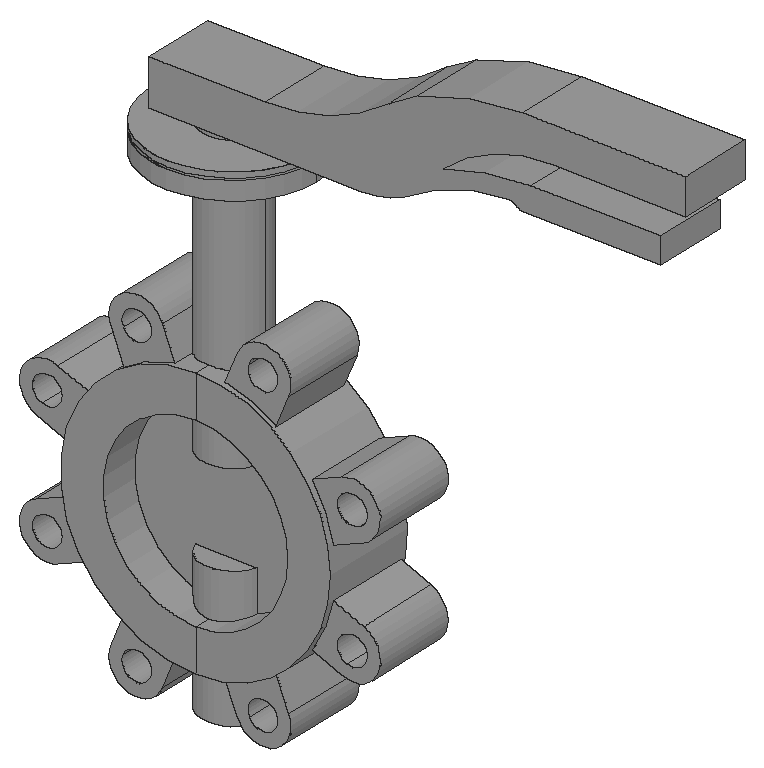
Revit family "2M_Butterfly Valve_UNIVAL_BLN-0305 - 50-300 mm", category Pipe Accessories, Revit 2016
Family settings
  Part Type = Valve - Breaks Into
  Round Connector Dimension = Use Diameter
  OmniClass Number = 23.65.55.14.17
  OmniClass Title = Adjusting/Controlling Valves for Liquid Services
  Work Plane-Based = No
  Always vertical = Yes
  Cut with Voids When Loaded = No
  Shared = No
Parameters (values of type "DN100")
  d = 16 mm
  built-in parameter 1114242 [instance] = 1
  T = -10 mm
  Symbol_consist = E / 30 * 17  # 29.183 mm
  Seat Material = "EPDM"  # constant formula
  Loss Method = K Coefficient from Table
  Kv = 760
  LugHole_pcs = 8
  LugrAxis_dist = Body_r + 12 mm  # 85 mm
  URL = "http://www.unival.com.tr/"
  Stem_top_h = 1 mm
  Standard No = "TS EN 593+A1"
  Pressure Rating = "PN25"  # constant formula
  Operator Type = M_Handle - Curved : Lever_260mm
  Model = "BLN-0305X100"
  Max. Working Temperature = "EPDM 120°C (water)"  # constant formula
  Max. Working Pressure = "16.5 Bar"  # constant formula
  Max Diff. Pressure (Allowed) = "3 Bar"
  Manufacturer = "Giacomini Unival\r\nGiacomini Unival"
  K Coefficient Table = "Butterfly Valve Full Open"
  Gasket Material = "EPDM"  # constant formula
  Stem_D = 34.5 mm
  Disc_r = DN / 2  # 50 mm
  Disc Material = "Stainless steel"  # constant formula
  Description TR = "Lug tipi kelebek vana"  # constant formula
  Description = "Lug type butterfly valve"  # constant formula
  Lug_do = d + 14 mm  # 30 mm
  DN = 100 mm
  D = 90 mm
  Connection Type = "Lug"
  Certifications = "TSE EAC CE"
  E = 51.5 mm
  Body Material = "Ductile iron"  # constant formula
  Body_r = DN / 2 + 23 mm  # 73 mm
  B = 100 mm
  Lug_angle = 22.50°
  A = 180 mm
Types (9, lengths in mm): name | d | Symbol_consist | Kv | LugHole_pcs | LugrAxis_dist | Stem_top_h | Operator Type | Model | Max Diff. Pressure (Allowed) | Stem_D | Disc_r | Lug_do | DN | D | E | Body_r | B | Lug_angle | A
  DN100 | 16 | 29.183 | 760 | 8 | 85 | 1 | M_Handle - Curved : Lever_260mm | "BLN-0305X100" | "3 Bar" | 34.5 | 50 | 30 | 100 | 90 | 51.5 | 73 | 100 | 22.50° | 180
  DN250 | 24 | 38.817 | 5050 | 12 | 160 | 26 | M_Handle - Curved : Lever_416mm | "BLN-0305X250" | "1.5 Bar" | 45.888 | 125 | 38 | 250 | 125 | 68.5 | 148 | 200 | 30.00° | 274
  DN50 | 16 | 24.367 | 115 | 4 | 60 | 1 | M_Handle - Curved : Lever_260mm | "BLN-0305X050" | "3 Bar" | 28.806 | 25 | 30 | 50 | 90 | 43 | 48 | 68.5 | 90.00° | 140
  DN65 | 16 | 25.5 | 255 | 4 | 67.5 | 1 | M_Handle - Curved : Lever_260mm | "BLN-0305X065" | "3 Bar" | 30.146 | 32.5 | 30 | 65 | 90 | 45 | 55.5 | 76 | 90.00° | 152
  DN80 | 16 | 26.067 | 375 | 4 | 75 | 1 | M_Handle - Curved : Lever_260mm | "BLN-0305X080" | "3 Bar" | 30.816 | 40 | 30 | 80 | 90 | 46 | 63 | 85 | 90.00° | 160
  DN125 | 16 | 31.733 | 1030 | 8 | 97.5 | 1 | M_Handle - Curved : Lever_260mm | "BLN-0305X125" | "3 Bar" | 37.515 | 62.5 | 30 | 125 | 90 | 56 | 85.5 | 120 | 22.50° | 191
  DN150 | 16 | 32.017 | 1790 | 8 | 110 | 1 | M_Handle - Curved : Lever_260mm | "BLN-0305X150" | "3 Bar" | 37.85 | 75 | 30 | 150 | 90 | 56.5 | 98 | 132 | 22.50° | 202
  DN200 | 20 | 34 | 3450 | 12 | 135 | 23 | M_Handle - Curved : Lever_326mm | "BLN-0305X200" | "3 Bar" | 40.194 | 100 | 34 | 200 | 125 | 60 | 123 | 160 | 30.00° | 237
  DN300 | 24 | 45.05 | 7420 | 12 | 185 | 26 | M_Handle - Curved : Lever_416mm | "BLN-0305X300" | "1.5 Bar" | 53.257 | 150 | 38 | 300 | 125 | 79.5 | 173 | 230 | 30.00° | 312
Reference planes
  plane 1 "Center (Front/Back)": y = 0
  plane 2: z = 0
  plane 3 "Center (Left/Right)": x = 0
  plane 4 "Disk": z = 50
  plane 5 "Disc 2": z = -50
  plane 6 "A": z = 180
  plane 7: z = -100
  plane 8: z = 25
  plane 9: z = -25
  plane 10 "Handle_Plane": z = 181
  plane 11 "Wafer 2": y = 25.75
  plane 12 "Wafer": y = -25.75
  plane 13: x = -84.994
  plane 14: x = 84.994
Forms (mm)
  Extrusion 1, solid, material "UNIVAL_Grey", detail levels fine
    sketch origin (0, 0, 0) x (1, 0, 0) y (0, 0, 1)
      loop
        circle (0, 0) r 50
    from -5 to 5
  Revolve 2, solid, material "UNIVAL_IRON", detail levels fine
    sketch origin (0, 0, 0) x (0, 1, 0) y (0, 0, 1)
      loop
        line (25.75, 73) -> (-25.75, 73) -> (-25.75, 50) -> (25.75, 50) -> (25.75, 73)
      axis (25.75, 0) -> (-25.75, 0)
    angle from 0 to 360
  Extrusion 3, solid, material "UNIVAL_IRON", detail levels fine
    sketch origin (0, 0, 0) x (1, 0, 0) y (0, 1, 0)
      loop
        circle (0, 0) r 17.25
    from 50 to 180
  Extrusion 4, solid, material "UNIVAL_IRON", detail levels fine
    sketch origin (0, 0, 0) x (1, 0, 0) y (0, 1, 0)
      loop
        circle (0, 0) r 17.25
    from -100 to -50
  Extrusion 5, solid, material "UNIVAL_IRON", detail levels fine
    sketch origin (0, 0, 180) x (1, 0, 0) y (0, 1, 0)
      loop
        circle (0, 0) r 45
    from -10 <- "T" to 0
  Extrusion 6, solid, material "UNIVAL_Grey", detail levels fine
    sketch origin (0, 0, 50) x (-1, 0, 0) y (0, -1, 0)
      loop
        circle (0, 0) r 17.25
    from -25 to 0
  Extrusion 7, solid, material "UNIVAL_Grey", detail levels fine
    sketch origin (0, 0, -50) x (-1, 0, 0) y (0, -1, 0)
      loop
        circle (0, 0) r 17.25
    from 0 to 25
  Extrusion 8, solid, material "UNIVAL_IRON", detail levels fine
    sketch origin (-1351.99, -1524, 180) x (-1, 0, 0) y (0, -1, 0)
      loop
        circle (-1351.99, -1524) r 45
    from 0 to 1 <- "Stem_top_h"
Cuts and joins
  joined: Revolve 2, Extrusion 3, Extrusion 4, Extrusion 5
  joined: Extrusion 1, Extrusion 6, Extrusion 7
Lines and regions (mm)
  model lines, detail levels coarse+medium
    curve 1: line (-14.592, 25.75, 0) -> (14.592, 25.75, 0)
    curve 3: line (14.592, -25.75, 0) -> (-14.592, -25.75, 0)
    curve 5: line (-14.592, -25.75, 0) -> (14.592, 25.75, 0)
    curve 6: line (14.592, -25.75, 0) -> (-14.592, 25.75, 0)
  model lines, not visible, detail levels coarse+medium
    curve 2: line (-14.592, -25.75, 0) -> (-14.592, 25.75, 0)
    curve 4: line (14.592, 25.75, 0) -> (14.592, -25.75, 0)
  reference lines
    curve 7: line (0, 25.75, 0) -> (13.899, 25.75, 33.556)
Dimensions and locks
  equal spacing: Revolve 2 sketch curve, plane 1 "Center (Front/Back)", Revolve 2 sketch curve
  "E": Revolve 2 sketch curve to Revolve 2 sketch curve
  "Disc_r": Revolve 2 sketch curve to Revolve 2 sketch curve
  "Body_r": Revolve 2 sketch curve to Revolve 2 sketch curve
  "Disc_r": plane 4 "Disk" to plane 2
  "Disc_r": level to plane 5 "Disc 2"
  "A": plane 6 "A" to plane 2
  "B": level to plane 7
  equal spacing: plane 4 "Disk", plane 8, level
  equal spacing: level, plane 9, plane 5 "Disc 2"
  "Stem_top_h": plane 10 "Handle_Plane" to plane 6 "A"
  "E": plane 12 "Wafer" to plane 11 "Wafer 2"
  equal spacing: plane 12 "Wafer", plane 1 "Center (Front/Back)", plane 11 "Wafer 2"
  "Symbol_consist": curve 2 to curve 1
  equal spacing: curve 2, plane 3 "Center (Left/Right)", curve 4
  "Disc_r": radius of Extrusion 1 sketch curve
  "Stem_D": diameter of Extrusion 3 sketch curve
  "Stem_D": diameter of Extrusion 4 sketch curve
  "D": diameter of Extrusion 5 sketch curve
  "Stem_D": diameter of Extrusion 6 sketch curve
  "Stem_D": diameter of Extrusion 7 sketch curve
  "D": diameter of Extrusion 8 sketch curve
  "Lug_angle": angle curve 7 to plane 3 "Center (Left/Right)"
  aligned and locked: level to plane 2
  aligned and locked: Revolve 2 sketch curve to level
  aligned and locked: Extrusion 3 to plane 4 "Disk"
  aligned and locked: plane 6 "A" to Extrusion 3
  aligned and locked: plane 5 "Disc 2" to Extrusion 4
  aligned and locked: plane 7 to Extrusion 4
  aligned and locked: Extrusion 6 to Extrusion 3
  aligned and locked: Extrusion 6 to plane 8
  aligned and locked: plane 9 to Extrusion 7
  aligned and locked: Extrusion 7 to plane 5 "Disc 2"
Automatic sketch dimensions
  Extrusion 1 sketch curve to level = 0 mm
  Extrusion 1 sketch curve to plane 3 "Center (Left/Right)" = 0 mm
  plane 12 "Wafer" to Revolve 2 sketch curve = 2821.218 mm
  Revolve 2 sketch curve to plane 11 "Wafer 2" = 1437.719 mm
  plane 1 "Center (Front/Back)" to Extrusion 3 sketch curve = 0 mm
  Extrusion 3 sketch curve to plane 3 "Center (Left/Right)" = 0 mm
  plane 1 "Center (Front/Back)" to Extrusion 4 sketch curve = 0 mm
  Extrusion 4 sketch curve to plane 3 "Center (Left/Right)" = 0 mm
  plane 1 "Center (Front/Back)" to Extrusion 6 sketch curve = 0 mm
  Extrusion 6 sketch curve to plane 3 "Center (Left/Right)" = 0 mm
  plane 1 "Center (Front/Back)" to Extrusion 7 sketch curve = 0 mm
  Extrusion 7 sketch curve to plane 3 "Center (Left/Right)" = 0 mm
  plane 1 "Center (Front/Back)" to Extrusion 8 sketch curve = 0 mm
  Extrusion 8 sketch curve to plane 3 "Center (Left/Right)" = 0 mm
  plane 12 "Wafer" to curve 3 = 0 mm
  plane 11 "Wafer 2" to curve 2 = 0 mm
  curve 7 to level = 0 mm
  curve 7 to plane 3 "Center (Left/Right)" = 0 mm
Nested families
  nested 1: "M_Handle - Curved" at (0, 0, 181), type <- "Operator Type", type "Lever_260mm", detail levels fine
    with Stem_D 34.5 mm
  nested 2: "M_Lug" at (0, 25.75, 0) x (0.9239, 0, 0.3827) z (0, -1, 0), type "M_Lug", detail levels fine
    with Wafer_d 48.5 mm, HoleNumber 8, Distance 85 mm, Body_depth 51.5 mm
Connectors
  piping at (0, -25.75, 0), diameter 100, driven by "DN"
    settings: on Revolve 2, index 1, connector inside diameter 609.6 mm, connector length 0 mm, flow factor 0, pipe flow 0.0 L/s, pressure drop 0.0 Pa, fitting loss kfactor 0, connector angle 0.00°, fixture units 0, engagement length 0 mm, angle of deflection 0.00°, flow configuration 0, flow direction 0, fitting loss method 0, system type 29, joint type 0, gender type 0, connector reference index 2, connector utility 0, adjustable connector no, is connector primary yes, connector description ""
  piping at (0, 25.75, 0), diameter 100, driven by "DN"
    settings: on Revolve 2, index 2, connector inside diameter 609.6 mm, connector length 0 mm, flow factor 0, pipe flow 0.0 L/s, pressure drop 0.0 Pa, fitting loss kfactor 0, connector angle 0.00°, fixture units 0, engagement length 0 mm, angle of deflection 0.00°, flow configuration 0, flow direction 0, fitting loss method 0, system type 29, joint type 0, gender type 0, connector reference index 1, connector utility 0, adjustable connector no, is connector primary no, connector description ""
Definition of nested family "M_Handle - Curved"
  Parameters (values of type "Lever_326mm")
    Stem_D = 23.112 mm
    L_Handle = 260 mm
    L2 = L1 + 3 mm  # 140 mm
    L1 = 137 mm
    Default Elevation = 1219.2 mm
    D_Handle = 23.112 mm
  Types (3, lengths in mm): name | L_Handle | L2 | L1 | D_Handle
    Lever_260mm | 26 | 74 | 71 | 90
    Lever_326mm | 260 | 140 | 137 | 23.112
    Lever_416mm | 260 | 230 | 227 | 23.112
  Reference planes
    plane 1 "Center (Front/Back)": y = 0
    plane 2: z = 0
    plane 3 "Center (Left/Right)": x = 0
  Forms (mm)
    Extrusion 1, solid
      sketch origin (0, 0, 0) x (1, 0, 0) y (0, 1, 0)
        loop
          line (-360, 340) -> (-360, -334.649) -> (361.39, -334.649) -> (361.39, 340) -> (-360, 340)
      from 0 to -82.308
    Extrusion 2, solid
      sketch origin (-41.968, 0, -746.489) x (1, 0, 0) y (0, 0, 1)
        loop
          line (11.968, 753.489) -> (127.16, 753.489)
          arc (127.16, 753.489) -> (139.188, 755.108) -> (150.552, 759.372) r 54.013
          arc (150.552, 759.372) -> (176.894, 772.229) -> (205.698, 777.663) r 109.864
          arc (205.698, 777.663) -> (208.156, 777.429) -> (210.44, 776.49) r 8.395
          arc (210.44, 776.49) -> (212.221, 774.984) -> (214.509, 774.535) r 4.642
          line (214.509, 774.535) -> (354.509, 774.535) -> (354.509, 788.507) -> (218.712, 788.507)
          arc (218.712, 788.507) -> (194.423, 786.381) -> (170.871, 780.071) r 139.878
          arc (170.871, 780.071) -> (198.908, 796.978) -> (231.113, 802.867) r 90.996
          line (231.113, 802.867) -> (368.113, 802.867) -> (368.113, 822.274) -> (214.272, 822.274)
          arc (214.272, 822.274) -> (185.304, 818.955) -> (157.465, 810.285) r 155.405
          line (157.465, 810.285) -> (141.473, 801.155)
          arc (141.473, 801.155) -> (109.966, 784.24) -> (74.686, 778.393) r 109.363
          line (74.686, 778.393) -> (11.968, 778.393) -> (11.968, 753.489)
      from -20 to 20
    Extrusion 3, solid
      sketch origin (0, 0, 0) x (1, 0, 0) y (0, 1, 0)
        loop
          circle (0, 0) r 11.556
      from 0 to 3
    Extrusion 4, solid
      sketch origin (0, 0, 0) x (1, 0, 0) y (0, 1, 0)
        loop
          circle (0, 0) r 11.556
      from 0 to 7
  Dimensions and locks
    "L2": Extrusion 2 sketch curve to Extrusion 2 sketch curve
    Extrusion 2 to plane 3 "Center (Left/Right)" = 326.145 mm
    "D_Handle": diameter of Extrusion 3 sketch curve
    "D_Handle": diameter of Extrusion 3
    "Stem_D": diameter of Extrusion 4 sketch curve
    aligned and locked: plane 2 to Extrusion 1
    aligned and locked: level to Extrusion 1
    aligned and locked: plane 1 "Center (Front/Back)" to Extrusion 3 sketch curve
    aligned and locked: plane 1 "Center (Front/Back)" to Extrusion 4 sketch curve
    aligned and locked: plane 3 "Center (Left/Right)" to Extrusion 4 sketch curve
  Automatic sketch dimensions
    Extrusion 1 sketch curve to Extrusion 1 sketch curve = 721.39 mm
    Extrusion 1 sketch curve to Extrusion 1 sketch curve = 674.649 mm
    Extrusion 2 sketch curve to plane 3 "Center (Left/Right)" = 30 mm
    plane 3 "Center (Left/Right)" to Extrusion 2 sketch curve = 32.717 mm
    Extrusion 2 sketch curve to Extrusion 2 sketch curve = 51.329 mm
    level to Extrusion 2 sketch curve = 7 mm
    Extrusion 2 sketch curve to Extrusion 2 sketch curve = 1.145 mm
    Extrusion 2 sketch curve to Extrusion 2 sketch curve = 15.459 mm
    Extrusion 2 sketch curve to Extrusion 2 sketch curve = 15.992 mm
    Extrusion 2 sketch curve to Extrusion 2 sketch curve = 48.675 mm
    Extrusion 2 sketch curve to Extrusion 2 sketch curve = 5.341 mm
    Extrusion 2 sketch curve to Extrusion 2 sketch curve = 8.091 mm
    Extrusion 2 sketch curve to Extrusion 2 sketch curve = 0.041 mm
    Extrusion 2 sketch curve to Extrusion 2 sketch curve = 0.278 mm
    Extrusion 2 sketch curve to Extrusion 2 sketch curve = 5.915 mm
    Extrusion 2 sketch curve to Extrusion 2 sketch curve = 4.482 mm
    Extrusion 2 sketch curve to Extrusion 2 sketch curve = 13.718 mm
    Extrusion 2 sketch curve to Extrusion 2 sketch curve = 13.605 mm
    Extrusion 2 sketch curve to level = 34.618 mm
    Extrusion 2 sketch curve to Extrusion 2 sketch curve = 43.92 mm
    Extrusion 2 sketch curve to Extrusion 2 sketch curve = 1.051 mm
    Extrusion 2 sketch curve to Extrusion 2 sketch curve = 18.272 mm
    level to Extrusion 2 sketch curve = 22.79 mm
    Extrusion 2 sketch curve to Extrusion 2 sketch curve = 5.255 mm
    level to Extrusion 2 sketch curve = 31.903 mm
    Extrusion 2 sketch curve to Extrusion 2 sketch curve = 4.633 mm
    Extrusion 2 sketch curve to Extrusion 2 sketch curve = 13.971 mm
    Extrusion 2 sketch curve to Extrusion 2 sketch curve = 47.666 mm
    Extrusion 2 sketch curve to Extrusion 2 sketch curve = 14.361 mm
    Extrusion 2 sketch curve to Extrusion 2 sketch curve = 6.336 mm
    Extrusion 2 sketch curve to Extrusion 2 sketch curve = 9.13 mm
    level to Extrusion 2 sketch curve = 12.883 mm
    Extrusion 2 sketch curve to Extrusion 2 sketch curve = 0 mm
    Extrusion 3 sketch curve to plane 3 "Center (Left/Right)" = 0 mm
Definition of nested family "M_Lug"
  Parameters (values of type "M_Lug")
    d = 16 mm
    Wafer_d = Body_depth - 3 mm  # 18.2 mm
    Hole_do = 30 mm
    HoleNumber = 4
    Distance = 78.687 mm
    Default Elevation = 1219.2 mm
    Body_depth = 21.2 mm
  Reference planes
    plane 1 "Center (Front/Back)": y = 0
    plane 2: z = 0
    plane 3 "Center (Left/Right)": x = 0
  Forms (mm)
    Extrusion 1, solid
      sketch origin (0, 0, 0) x (1, 0, 0) y (0, 1, 0)
        loop
          line (-1219.2, 1219.2) -> (-1219.2, -1219.2) -> (1219.2, -1219.2) -> (1219.2, 1219.2) -> (-1219.2, 1219.2)
      from 0 to -304.8
    Extrusion 2, solid
      sketch origin (0, 59.448, 0) x (1, 0, 0) y (0, 1, 0)
        loop
          circle (0, 23.479) r 8
        loop
          arc (15, 23.479) -> (0, 38.479) -> (-15, 23.479) r 15
          line (-15, 23.479) -> (-15, 0) -> (15, 0) -> (15, 23.479)
      from 3 to 18.2 <- "Wafer_d"
    Extrusion 3, solid
      sketch origin (59.448, 0, 0) x (0, -1, 0) y (1, 0, 0)
        loop
          circle (0, 23.479) r 8
        loop
          arc (15, 23.479) -> (0, 38.479) -> (-15, 23.479) r 15
          line (-15, 23.479) -> (-15, 0) -> (15, 0) -> (15, 23.479)
      from 3 to 18.2 <- "Wafer_d"
    Extrusion 4, solid
      sketch origin (-59.448, 0, 0) x (0, 1, 0) y (-1, 0, 0)
        loop
          circle (0, 23.479) r 8
        loop
          arc (15, 23.479) -> (0, 38.479) -> (-15, 23.479) r 15
          line (-15, 23.479) -> (-15, 0) -> (15, 0) -> (15, 23.479)
      from 3 to 18.2 <- "Wafer_d"
    Extrusion 5, solid
      sketch origin (0, -59.448, 0) x (-1, 0, 0) y (0, -1, 0)
        loop
          circle (0, 23.479) r 8
        loop
          arc (15, 23.479) -> (0, 38.479) -> (-15, 23.479) r 15
          line (-15, 23.479) -> (-15, 0) -> (15, 0) -> (15, 23.479)
      from 3 to 18.2 <- "Wafer_d"
  Dimensions and locks
    "d": diameter of Extrusion 2 sketch curve
    "Hole_do": diameter of Extrusion 2 sketch curve
    "d": diameter of Extrusion 3 sketch curve
    "Hole_do": diameter of Extrusion 3 sketch curve
    "d": diameter of Extrusion 4 sketch curve
    "Hole_do": diameter of Extrusion 4 sketch curve
    "Distance": radius of radial array
    "d": diameter of Extrusion 5 sketch curve
    "Hole_do": diameter of Extrusion 5 sketch curve
    aligned and locked: plane 2 to Extrusion 1
    aligned and locked: level to Extrusion 1
  Automatic sketch dimensions
    Extrusion 1 sketch curve to Extrusion 1 sketch curve = 2438.4 mm  (x2)
    Extrusion 2 sketch curve to Extrusion 2 sketch curve = 0 mm  (x4)
    Extrusion 2 sketch curve to Extrusion 2 sketch curve = 23.479 mm
    Extrusion 3 sketch curve to Extrusion 3 sketch curve = 0 mm  (x4)
    Extrusion 3 sketch curve to Extrusion 3 sketch curve = 23.479 mm
    Extrusion 4 sketch curve to Extrusion 4 sketch curve = 0 mm  (x4)
    Extrusion 4 sketch curve to Extrusion 4 sketch curve = 23.479 mm
    Extrusion 5 sketch curve to Extrusion 5 sketch curve = 0 mm  (x4)
    Extrusion 5 sketch curve to Extrusion 5 sketch curve = 23.479 mm
